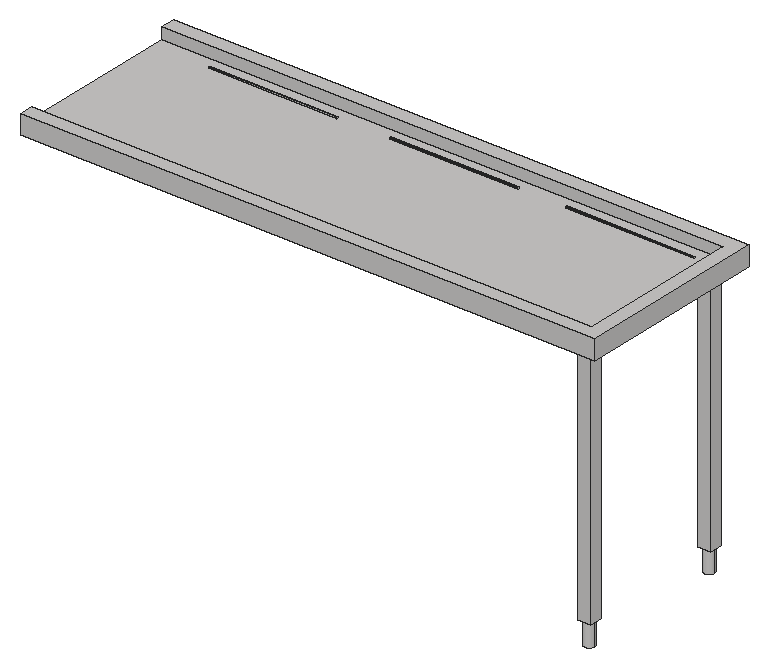
Revit family "QF_ELECTROLUXPROFESSIONAL_865304_BHHLU18", category Attrezzature speciali, Revit 2020
Family settings
  Quota connettore circolare = Usa diametro
  Tipo di parte = Normale
  Basato su piano di lavoro = No
  Sempre verticale = Sì
  Taglio con vuoti quando caricato = No
  Condiviso = No
  Punto di calcolo locali = No
Parameters (values of type "Standard")
  Weight = 18.00 kg
  Watts = 0 W
  Volts = 0 V
  URL Manufacturer = "https://www.electroluxprofessional.com/"
  URL = "https://www.electroluxprofessional.com/"
  Steam Supply Size = 0 mm
  Steam Supply Minimum Pressure = 0.0 Pa
  Steam Supply Maximum Pressure = 0.0 Pa
  Steam Consumption per Hour = 0
  Refrigeration Suction Line Size = 0 mm
  Refrigeration Liquid Line Size = 0 mm
  Refrigerant Compressor Remote = yes
  Prospetto di default = 0 mm
  Produttore = "Electrolux Professional"
  Phase = 0
  Modello = "BHHLU18"
  Length Actual = 1800 mm  # constant formula
  Item Number = "865304"
  Hot Water Size = 0 mm
  Height Actual = 910 mm  # constant formula
  HP = "0 HP"
  Gas Size = 0 mm
  Gas KW = 0
  Gas Input Pressure = 0 W
  Direct Waste Size = 0 mm
  Descrizione = "DW TABLE UNLOADING&LOAD.1800MM-HOOD TYPE"
  Depth Actual = 600 mm  # constant formula
  Cycle = 0 Hz
  Condensate Return Size = 0 mm
  Compressed Air Volume = 0.0 L/s
  Compressed Air Size = 0 mm
  Compressed Air Pressure = 0.0 Pa
  Cold Water Size = 0 mm
  Accessory = yes
Reference planes
  plane 1 "Back": y = 0
  plane 2: z = 0
  plane 3 "Left": x = 0
Forms (mm)
  Extrusion 1, solid, material "QF_Finishes_Stainless Steel"
    sketch origin (0, 0, 704.604) x (1, 0, 0) y (0, 1, 0)
      loop
        line (0, 0) -> (0, -600) -> (1800, -600) -> (1800, 0) -> (0, 0)
    from 145.396 to 205.396
  Extrusion 2, void
    sketch origin (1000, 0, 0.958) x (1, 0, 0) y (0, 1, 0)
      loop
        line (-1000, -45) -> (-1000, -555) -> (755, -555) -> (755, -45) -> (-1000, -45)
    from 874.042 to 909.042
  Extrusion 3, solid, material "QF_Finishes_Stainless Steel"
    sketch origin (1020, 0, 150) x (1, 0, 0) y (0, 1, 0)
      loop
        line (730, -45) -> (690, -45) -> (690, -85) -> (730, -85) -> (730, -45)
    from -80 to 700
  Extrusion 4, solid, material "QF_Finishes_Stainless Steel"
    sketch origin (1020, -470, 129.575) x (1, 0, 0) y (0, 1, 0)
      loop
        line (730, -45) -> (690, -45) -> (690, -85) -> (730, -85) -> (730, -45)
    from -59.575 to 720.425
  Extrusion 5, solid, material "QF_Finishes_Stainless Steel"
    sketch origin (1020, 0, 0) x (1, 0, 0) y (0, 1, 0)
      loop
        circle (710, -65) r 16
    from 0 to 70
  Extrusion 6, solid, material "QF_Finishes_Stainless Steel"
    sketch origin (1020, -470, 0) x (1, 0, 0) y (0, 1, 0)
      loop
        circle (710, -65) r 16
    from 0 to 70
  Extrusion 7, solid, material "QF_Finishes_Stainless Steel"
    sketch origin (32.954, 0, 0) x (1, 0, 0) y (0, 1, 0)
      loop
        line (147.046, -80.302) -> (147.046, -85.302) -> (547.046, -85.302) -> (547.046, -80.302) -> (147.046, -80.302)
    from 875 to 878
  Extrusion 8, solid, material "QF_Finishes_Stainless Steel"
    sketch origin (32.954, -600, 0) x (1, 0, 0) y (0, 1, 0)
      loop
        line (147.046, 80.302) -> (547.046, 80.302) -> (547.046, 85.302) -> (147.046, 85.302) -> (147.046, 80.302)
    from 875 to 878
  Extrusion 9, solid, material "QF_Finishes_Stainless Steel"
    sketch origin (1292.697, 0, 0) x (-1, 0, 0) y (0, -1, 0)
      loop
        line (147.046, 80.302) -> (547.046, 80.302) -> (547.046, 85.302) -> (147.046, 85.302) -> (147.046, 80.302)
    from 875 to 878
  Extrusion 10, solid, material "QF_Finishes_Stainless Steel"
    sketch origin (1292.697, -600, 0) x (-1, 0, 0) y (0, -1, 0)
      loop
        line (147.046, -80.302) -> (147.046, -85.302) -> (547.046, -85.302) -> (547.046, -80.302) -> (147.046, -80.302)
    from 875 to 878
  Extrusion 11, solid, material "QF_Finishes_Stainless Steel"
    sketch origin (1150.128, 0, 0) x (1, 0, 0) y (0, 1, 0)
      loop
        line (147.046, -80.302) -> (147.046, -85.302) -> (547.046, -85.302) -> (547.046, -80.302) -> (147.046, -80.302)
    from 875 to 878
  Extrusion 12, solid, material "QF_Finishes_Stainless Steel"
    sketch origin (1150.128, -600, 0) x (1, 0, 0) y (0, 1, 0)
      loop
        line (147.046, 80.302) -> (547.046, 80.302) -> (547.046, 85.302) -> (147.046, 85.302) -> (147.046, 80.302)
    from 875 to 878
Cuts and joins
  Extrusion 2 cuts Extrusion 1
Dimensions and locks
  Extrusion 1 to Extrusion 1 = 60 mm
  equal spacing: Extrusion 1, Extrusion 2 sketch curve, Extrusion 2 sketch curve, Extrusion 1
  equal spacing: Extrusion 1, Extrusion 2 sketch curve, Extrusion 1
  Extrusion 2 to Extrusion 2 = 35 mm
  Extrusion 2 to level = 910 mm
  Extrusion 2 to Extrusion 1 = 1800 mm
  Extrusion 1 to Extrusion 1 = 600 mm
  aligned and locked: level to plane 2
